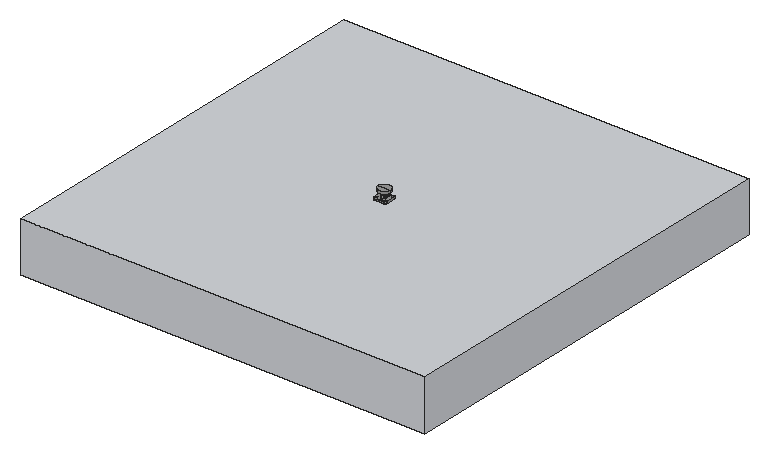
Revit family "Hekatron_Feststellanlagen_AFS 75_DE_22.01", category Brandmelder, Revit 2018
Family settings
  Basisbauteil = Fläche
  Beschriftungsausrichtung beibehalten = Ja
  Bemaßung runder Anschluss = Durchmesser verwenden
  Teiletyp = Normal
  OmniClass-Nummer = 23.85.30.21
  OmniClass-Titel = Environmental Detection/Registration
  Beim Laden mit Abzugskörper schneiden = Nein
  Gemeinsam genutzt = Nein
  Raumberechnungspunkt = Nein
Parameters (values of type "AFS 75")
  Zulässige Umgebungstemperatur = ""
  Zulässige Luftgeschwindigkeit = ""
  Zulassungen nach EN 54 = ""
  Width [instance] = 75 mm
  Version des BIM Objektes = "22.01"
  VdS-Anerkennung = ""
  URL = "https://www.hekatron-brandschutz.de"
  UB A&S Artikel Nummer = "6500103"
  Typenkommentare = "Flexible Winkelankerplatte AFS 75"
  Tiefe (mm) = "75.0"
  Stromaufnahme = ""
  Schutzart = ""
  Rauchteil einstellbar = ""
  Nettogewicht (g) = ""
  Montageart = "Türmontage"
  Modell = "AFS 75"
  Material = "Kunststoff\nMetall"
  Link zum Datenblatt = ""
  Link zu ausschreiben.de = "http://www.ausschreiben.de/katalog/Hekatron/position/81"
  Link zu Produktinformation = "https://www.hekatron-planungstools.de/Produktinfo/AFS_75.PDF"
  Link zu Ausschreibungstext = "https://www.meinhplus.de/login"
  Leistungserklärung (DoP) = ""
  Lautstärke DIN-Ton (dB) = ""
  Kabeleinführung = ""
  Höhe (mm) = "56.0"
  Hersteller = "Hekatron"
  Heigth [instance] = 75 mm
  Funktionsprinzip = ""
  Farbe = "silber/schwarz"
  Ex-Zonen = ""
  Einstellung Temperaturklasse nach EN 54-5 = ""
  Einstellung Temperaturindex nach EN 54-5 = ""
  Einstellung Rauchempfindlichkeit nach EN 54-20 = ""
  Einstellen Rauchempfindlichkeit nach EN 54-7 = ""
  EG-Konformitätszertifikat / Zertifikat der Leistungsbeständigkeit = ""
  Durchmesser (mm) = ""
  Depth [instance] = 56 mm
  Vorgabe-Ansicht = 1200 mm
  Breite (mm) = "75.0"
  Betriebsspannung = ""
  Beschreibung = "Ankerplatte, Durchmesser 75mm, für extreme Einstellungen 2 x 60°, passend zu den THM 425, 425-1 und 433-1."
  Bauartgenehmigungen = ""
  Anzahl Ansaugleitungen = ""
  Ansprechtemperatur = ""
  Alarm- & Empfindlichkeitsbereich = ""
Reference planes
  plane 1 "Center (Front/Back)": y = 0
  plane 2: z = 0
  plane 3 "Center (Left/Right)": x = 0
Forms (mm)
  Extrusion 1, solid
    sketch origin (0, 0, 0) x (1, 0, 0) y (0, 1, 0)
      loop
        line (-1219.2, 1219.2) -> (-1219.2, -1219.2) -> (1219.2, -1219.2) -> (1219.2, 1219.2) -> (-1219.2, 1219.2)
    from 0 to -304.8
  Revolve 2, solid, material "Silver"
    sketch origin (0, 0, 48) x (-1, 0, 0) y (0, 0, -1)
      loop
        line (0, 5.5) -> (-7.799, 5.5)
        arc (-7.799, 5.5) -> (-8.299, 5.366) -> (-8.665, 5) r 1
        arc (-8.665, 5) -> (-9, 3.75) -> (-8.665, 2.5) r 2.5
        arc (-8.665, 2.5) -> (-8.299, 2.134) -> (-7.799, 2) r 1
        line (-7.799, 2) -> (-37.5, 2) -> (-37.5, -8) -> (0, -8) -> (0, 5.5)
      axis (0, 5.5) -> (0, -8)
    angle from 0 to 360
  Extrusion 3, solid, material "Steel, Carbon"
    sketch origin (0, 0, 0) x (1, 0, 0) y (0, 1, 0)
      loop
        line (30, 37.5) -> (-30, 37.5)
        arc (-30, 37.5) -> (-35.303, 35.303) -> (-37.5, 30) r 7.5
        line (-37.5, 30) -> (-37.5, -30)
        arc (-37.5, -30) -> (-35.303, -35.303) -> (-30, -37.5) r 7.5
        line (-30, -37.5) -> (30, -37.5)
        arc (30, -37.5) -> (35.303, -35.303) -> (37.5, -30) r 7.5
        line (37.5, -30) -> (37.5, 30)
        arc (37.5, 30) -> (35.303, 35.303) -> (30, 37.5) r 7.5
    from 0.8 to 8
  Extrusion 4, solid, material "Steel, Carbon"
    sketch origin (0, 0, 0) x (1, 0, 0) y (0, 1, 0)
      loop
        circle (30, 30) r 7.5
      loop
        circle (-30, 30) r 7.5
      loop
        circle (30, -30) r 7.5
      loop
        circle (-30, -30) r 7.5
    from 0 to 0.8
  Revolve 5, void
    sketch origin (0, -30, 0) x (1, 0, 0) y (0, 0, -1)
      loop
        line (-24.75, -8) -> (-27.25, -5.5) -> (-27.25, 0) -> (-30, 0) -> (-30, -8) -> (-24.75, -8)
      axis (-30, 0) -> (-30, -8)
    angle from 0 to 360
  Sweep 6, void
    path in 3D
      loop
        arc (-37.5, -30, 8) -> (-35.303, -35.303, 8) -> (-30, -37.5, 8) r 7.5
        line (-30, -37.5, 8) -> (30, -37.5, 8)
        arc (30, -37.5, 8) -> (35.303, -35.303, 8) -> (37.5, -30, 8) r 7.5
        line (37.5, -30, 8) -> (37.5, 30, 8)
        arc (37.5, 30, 8) -> (35.303, 35.303, 8) -> (30, 37.5, 8) r 7.5
        line (30, 37.5, 8) -> (-30, 37.5, 8)
        arc (-30, 37.5, 8) -> (-35.303, 35.303, 8) -> (-37.5, 30, 8) r 7.5
        line (-37.5, 30, 8) -> (-37.5, -30, 8)
    profile origin (-37.5, 0, 8) x (1, 0, 0) y (0, 0, 1)
      loop
        line (0, 0) -> (0, -1)
        arc (0, -1) -> (0.293, -0.293) -> (1, 0) r 1
        line (1, 0) -> (0, 0)
  Blend 7, void
    base sketch origin (0, 0, 0) x (-1, 0, 0) y (0, -1, 0)
      loop
        arc (20, -32.5) -> (21.768, -31.768) -> (22.5, -30) r 2.5
        arc (22.5, -30) -> (22.564, -29.021) -> (22.756, -28.059) r 7.5
        arc (22.756, -28.059) -> (22.756, -26.765) -> (22.109, -25.644) r 2.5
        line (22.109, -25.644) -> (11.77, -15.306)
        arc (11.77, -15.306) -> (9.046, -14.764) -> (7.502, -17.074) r 2.5
        arc (7.502, -17.074) -> (6.77, -18.841) -> (5.002, -19.574) r 2.5
        arc (5.002, -19.574) -> (3.235, -20.306) -> (2.5, -22.074) r 2.5
        line (2.5, -22.074) -> (2.5, -30)
        arc (2.5, -30) -> (3.232, -31.768) -> (5, -32.5) r 2.5
        line (5, -32.5) -> (20, -32.5)
    top sketch origin (0, 0, 0) x (-1, 0, 0) y (0, -1, 0)
      loop
        arc (20, -31.1) -> (20.778, -30.778) -> (21.1, -30) r 1.1
        arc (21.1, -30) -> (21.176, -28.838) -> (21.403, -27.697) r 8.9
        arc (21.403, -27.697) -> (21.403, -27.127) -> (21.119, -26.634) r 1.1
        line (21.119, -26.634) -> (10.78, -16.296)
        arc (10.78, -16.296) -> (9.582, -16.057) -> (8.902, -17.074) r 1.1
        arc (8.902, -17.074) -> (7.76, -19.831) -> (5.002, -20.974) r 3.9
        arc (5.002, -20.974) -> (4.225, -21.296) -> (3.9, -22.074) r 1.1
        line (3.9, -22.074) -> (3.9, -30)
        arc (3.9, -30) -> (4.222, -30.778) -> (5, -31.1) r 1.1
        line (5, -31.1) -> (20, -31.1)
    from 0.8 to 3
  Blend 8, void
    base sketch origin (0, 0, 0) x (0, 1, 0) y (-1, 0, 0)
      loop
        line (20, 32.5) -> (5, 32.5)
        arc (5, 32.5) -> (3.232, 31.768) -> (2.5, 30) r 2.5
        line (2.5, 30) -> (2.5, 12.071)
        arc (2.5, 12.071) -> (4.043, 9.761) -> (6.768, 10.303) r 2.5
        line (6.768, 10.303) -> (22.109, 25.644)
        arc (22.109, 25.644) -> (22.756, 26.765) -> (22.756, 28.059) r 2.5
        arc (22.756, 28.059) -> (22.564, 29.021) -> (22.5, 30) r 7.5
        arc (22.5, 30) -> (21.768, 31.768) -> (20, 32.5) r 2.5
    top sketch origin (0, 0, 0) x (0, 1, 0) y (-1, 0, 0)
      loop
        line (20, 31.1) -> (5, 31.1)
        arc (5, 31.1) -> (4.222, 30.778) -> (3.9, 30) r 1.1
        line (3.9, 30) -> (3.9, 12.071)
        arc (3.9, 12.071) -> (4.579, 11.055) -> (5.778, 11.293) r 1.1
        line (5.778, 11.293) -> (21.119, 26.634)
        arc (21.119, 26.634) -> (21.403, 27.127) -> (21.403, 27.697) r 1.1
        arc (21.403, 27.697) -> (21.176, 28.838) -> (21.1, 30) r 8.9
        arc (21.1, 30) -> (20.778, 30.778) -> (20, 31.1) r 1.1
    from 0.8 to 3
  Revolve 9, void
    sketch origin (0, -30, 0) x (-1, 0, 0) y (0, 0, 1)
      loop
        line (-24.75, 8) -> (-30, 8) -> (-30, 0) -> (-27.25, 0) -> (-27.25, 5.5) -> (-24.75, 8)
      axis (-30, 0) -> (-30, 8)
    angle from 0 to 360
  Revolve 10, void
    sketch origin (0, 30, 0) x (1, 0, 0) y (0, 0, 1)
      loop
        line (-24.75, 8) -> (-30, 8) -> (-30, 0) -> (-27.25, 0) -> (-27.25, 5.5) -> (-24.75, 8)
      axis (-30, 0) -> (-30, 8)
    angle from 0 to 360
  Revolve 11, void
    sketch origin (0, 30, 0) x (-1, 0, 0) y (0, 0, -1)
      loop
        line (-24.75, -8) -> (-27.25, -5.5) -> (-27.25, 0) -> (-30, 0) -> (-30, -8) -> (-24.75, -8)
      axis (-30, 0) -> (-30, -8)
    angle from 0 to 360
  Extrusion 12, void
    sketch origin (0, 0, 0) x (1, 0, 0) y (0, 0, 1)
      loop
        line (-8, 33.5) -> (-8, 9.5) -> (8, 9.5) -> (8, 33.5) -> (-8, 33.5)
    from -11 to 11
  Extrusion 13, solid, material "Steel, Carbon"
    sketch origin (0, 0, 0) x (0, 1, 0) y (0, 0, 1)
      loop
        arc (-11, 20.5) -> (0, 9.5) -> (11, 20.5) r 11
        line (11, 20.5) -> (11, 42.5) -> (-11, 42.5) -> (-11, 20.5)
    from -14 to 14
  Sweep 14, void
    path in 3D
      loop
        line (14, -11, 42.5) -> (14, -11, 20.5)
        arc (14, -11, 20.5) -> (14, 0, 9.5) -> (14, 11, 20.5) r 11
        line (14, 11, 20.5) -> (14, 11, 42.5)
    profile origin (14, 11, 31.5) x (0, -1, 0) y (1, 0, 0)
      loop
        line (3, 0) -> (0, 0) -> (0, -3)
        arc (0, -3) -> (0.879, -0.879) -> (3, 0) r 3
  Sweep 15, void
    path in 3D
      loop
        line (-14, -11, 42.5) -> (-14, -11, 20.5)
        arc (-14, -11, 20.5) -> (-14, 0, 9.5) -> (-14, 11, 20.5) r 11
        line (-14, 11, 20.5) -> (-14, 11, 42.5)
    profile origin (-14, 11, 31.5) x (0, 1, 0) y (-1, 0, 0)
      loop
        arc (-3, 0) -> (-0.879, -0.879) -> (0, -3) r 3
        line (0, -3) -> (0, 0) -> (-3, 0)
  Revolve 16, solid, material "Stainless Steel"
    sketch origin (0, 0, 20.5) x (1, 0, 0) y (0, 1, 0)
      loop
        line (15.957, 5.829) -> (14, 6) -> (14, 0) -> (17.6, 0) -> (17.6, 4.036)
        arc (17.6, 4.036) -> (17.127, 5.252) -> (15.957, 5.829) r 1.8
      axis (14, 0) -> (17.6, 0)
    angle from 0 to 360
  Extrusion 17, solid, material "Stainless Steel"
    sketch origin (0, 0, 0) x (0, 1, 0) y (0, 0, 1)
      loop
        line (-2.887, 25.5) -> (-5.774, 20.5) -> (-2.887, 15.5) -> (2.887, 15.5) -> (5.774, 20.5) -> (2.887, 25.5) -> (-2.887, 25.5)
    from -15.2 to -14
  Extrusion 18, solid, material "Stainless Steel"
    sketch origin (0, 0, 0) x (0, 1, 0) y (0, 0, 1)
      loop
        circle (0, 20.5) r 3
    from -16 to -15.2
  Extrusion 19, solid, material "Steel, Carbon"
    sketch origin (0, 0, 0) x (0, 1, 0) y (0, 0, 1)
      loop
        arc (-18.411, 8.5) -> (-18.777, 8.134) -> (-19.277, 8) r 1
        line (-19.277, 8) -> (19.277, 8)
        arc (19.277, 8) -> (18.777, 8.134) -> (18.411, 8.5) r 1
        line (18.411, 8.5) -> (8.612, 25.472)
        arc (8.612, 25.472) -> (4.972, 29.112) -> (0, 30.445) r 9.945
        arc (0, 30.445) -> (-4.972, 29.112) -> (-8.612, 25.472) r 9.945
        line (-8.612, 25.472) -> (-18.411, 8.5)
    from -8 to 8
  Extrusion 20, void
    sketch origin (0, 0, 0) x (0, 1, 0) y (0, 0, 1)
      loop
        line (-4.743, 23.822) -> (3.653, 16.007)
        arc (3.653, 16.007) -> (3.955, 16.271) -> (4.239, 16.555) r 5.791
        arc (4.239, 16.555) -> (4.502, 16.858) -> (4.743, 17.178) r 5.791
        line (4.743, 17.178) -> (-3.653, 24.993)
        arc (-3.653, 24.993) -> (-3.955, 24.729) -> (-4.239, 24.445) r 5.791
        arc (-4.239, 24.445) -> (-4.502, 24.142) -> (-4.743, 23.822) r 5.791
    from 16.2 to 17.6
  Blend 21, void
    base sketch origin (0, 0, 0) x (0, -1, 0) y (1, 0, 0)
      loop
        arc (20, -32.5) -> (21.768, -31.768) -> (22.5, -30) r 2.5
        arc (22.5, -30) -> (22.564, -29.021) -> (22.756, -28.059) r 7.5
        arc (22.756, -28.059) -> (22.756, -26.765) -> (22.109, -25.644) r 2.5
        line (22.109, -25.644) -> (6.768, -10.303)
        arc (6.768, -10.303) -> (4.043, -9.761) -> (2.5, -12.071) r 2.5
        line (2.5, -12.071) -> (2.5, -30)
        arc (2.5, -30) -> (3.232, -31.768) -> (5, -32.5) r 2.5
        line (5, -32.5) -> (20, -32.5)
    top sketch origin (0, 0, 0) x (0, -1, 0) y (1, 0, 0)
      loop
        arc (20, -31.1) -> (20.778, -30.778) -> (21.1, -30) r 1.1
        arc (21.1, -30) -> (21.176, -28.838) -> (21.403, -27.697) r 8.9
        arc (21.403, -27.697) -> (21.403, -27.127) -> (21.119, -26.634) r 1.1
        line (21.119, -26.634) -> (5.778, -11.293)
        arc (5.778, -11.293) -> (4.579, -11.055) -> (3.9, -12.071) r 1.1
        line (3.9, -12.071) -> (3.9, -30)
        arc (3.9, -30) -> (4.222, -30.778) -> (5, -31.1) r 1.1
        line (5, -31.1) -> (20, -31.1)
    from 0.8 to 3
  Blend 22, void
    base sketch origin (0, 0, 0) x (0, 1, 0) y (-1, 0, 0)
      loop
        arc (20, -32.5) -> (21.768, -31.768) -> (22.5, -30) r 2.5
        arc (22.5, -30) -> (22.564, -29.021) -> (22.756, -28.059) r 7.5
        arc (22.756, -28.059) -> (22.756, -26.765) -> (22.109, -25.644) r 2.5
        line (22.109, -25.644) -> (6.768, -10.303)
        arc (6.768, -10.303) -> (4.043, -9.761) -> (2.5, -12.071) r 2.5
        line (2.5, -12.071) -> (2.5, -30)
        arc (2.5, -30) -> (3.232, -31.768) -> (5, -32.5) r 2.5
        line (5, -32.5) -> (20, -32.5)
    top sketch origin (0, 0, 0) x (0, 1, 0) y (-1, 0, 0)
      loop
        arc (20, -31.1) -> (20.778, -30.778) -> (21.1, -30) r 1.1
        arc (21.1, -30) -> (21.176, -28.838) -> (21.403, -27.697) r 8.9
        arc (21.403, -27.697) -> (21.403, -27.127) -> (21.119, -26.634) r 1.1
        line (21.119, -26.634) -> (5.778, -11.293)
        arc (5.778, -11.293) -> (4.579, -11.055) -> (3.9, -12.071) r 1.1
        line (3.9, -12.071) -> (3.9, -30)
        arc (3.9, -30) -> (4.222, -30.778) -> (5, -31.1) r 1.1
        line (5, -31.1) -> (20, -31.1)
    from 0.8 to 3
  Blend 23, void
    base sketch origin (0, 0, 0) x (0, -1, 0) y (1, 0, 0)
      loop
        line (20, 32.5) -> (5, 32.5)
        arc (5, 32.5) -> (3.232, 31.768) -> (2.5, 30) r 2.5
        line (2.5, 30) -> (2.5, 12.071)
        arc (2.5, 12.071) -> (4.043, 9.761) -> (6.768, 10.303) r 2.5
        line (6.768, 10.303) -> (22.109, 25.644)
        arc (22.109, 25.644) -> (22.756, 26.765) -> (22.756, 28.059) r 2.5
        arc (22.756, 28.059) -> (22.564, 29.021) -> (22.5, 30) r 7.5
        arc (22.5, 30) -> (21.768, 31.768) -> (20, 32.5) r 2.5
    top sketch origin (0, 0, 0) x (0, -1, 0) y (1, 0, 0)
      loop
        line (20, 31.1) -> (5, 31.1)
        arc (5, 31.1) -> (4.222, 30.778) -> (3.9, 30) r 1.1
        line (3.9, 30) -> (3.9, 12.071)
        arc (3.9, 12.071) -> (4.579, 11.055) -> (5.778, 11.293) r 1.1
        line (5.778, 11.293) -> (21.119, 26.634)
        arc (21.119, 26.634) -> (21.403, 27.127) -> (21.403, 27.697) r 1.1
        arc (21.403, 27.697) -> (21.176, 28.838) -> (21.1, 30) r 8.9
        arc (21.1, 30) -> (20.778, 30.778) -> (20, 31.1) r 1.1
    from 0.8 to 3
  Blend 24, void
    base sketch origin (0, 0, 0) x (1, 0, 0) y (0, 1, 0)
      loop
        line (20, 32.5) -> (5, 32.5)
        arc (5, 32.5) -> (3.232, 31.768) -> (2.5, 30) r 2.5
        line (2.5, 30) -> (2.5, 22.074)
        arc (2.5, 22.074) -> (3.235, 20.306) -> (5.002, 19.574) r 2.5
        arc (5.002, 19.574) -> (6.77, 18.841) -> (7.502, 17.074) r 2.5
        arc (7.502, 17.074) -> (9.046, 14.764) -> (11.77, 15.306) r 2.5
        line (11.77, 15.306) -> (22.109, 25.644)
        arc (22.109, 25.644) -> (22.756, 26.765) -> (22.756, 28.059) r 2.5
        arc (22.756, 28.059) -> (22.564, 29.021) -> (22.5, 30) r 7.5
        arc (22.5, 30) -> (21.768, 31.768) -> (20, 32.5) r 2.5
    top sketch origin (0, 0, 0) x (1, 0, 0) y (0, 1, 0)
      loop
        line (20, 31.1) -> (5, 31.1)
        arc (5, 31.1) -> (4.222, 30.778) -> (3.9, 30) r 1.1
        line (3.9, 30) -> (3.9, 22.074)
        arc (3.9, 22.074) -> (4.225, 21.296) -> (5.002, 20.974) r 1.1
        arc (5.002, 20.974) -> (7.76, 19.831) -> (8.902, 17.074) r 3.9
        arc (8.902, 17.074) -> (9.582, 16.057) -> (10.78, 16.296) r 1.1
        line (10.78, 16.296) -> (21.119, 26.634)
        arc (21.119, 26.634) -> (21.403, 27.127) -> (21.403, 27.697) r 1.1
        arc (21.403, 27.697) -> (21.176, 28.838) -> (21.1, 30) r 8.9
        arc (21.1, 30) -> (20.778, 30.778) -> (20, 31.1) r 1.1
    from 0.8 to 3
  Blend 25, void
    base sketch origin (0, 0, 0) x (-1, 0, 0) y (0, -1, 0)
      loop
        line (20, 32.5) -> (5, 32.5)
        arc (5, 32.5) -> (3.232, 31.768) -> (2.5, 30) r 2.5
        line (2.5, 30) -> (2.5, 22.074)
        arc (2.5, 22.074) -> (3.235, 20.306) -> (5.002, 19.574) r 2.5
        arc (5.002, 19.574) -> (6.77, 18.841) -> (7.502, 17.074) r 2.5
        arc (7.502, 17.074) -> (9.046, 14.764) -> (11.77, 15.306) r 2.5
        line (11.77, 15.306) -> (22.109, 25.644)
        arc (22.109, 25.644) -> (22.756, 26.765) -> (22.756, 28.059) r 2.5
        arc (22.756, 28.059) -> (22.564, 29.021) -> (22.5, 30) r 7.5
        arc (22.5, 30) -> (21.768, 31.768) -> (20, 32.5) r 2.5
    top sketch origin (0, 0, 0) x (-1, 0, 0) y (0, -1, 0)
      loop
        line (20, 31.1) -> (5, 31.1)
        arc (5, 31.1) -> (4.222, 30.778) -> (3.9, 30) r 1.1
        line (3.9, 30) -> (3.9, 22.074)
        arc (3.9, 22.074) -> (4.225, 21.296) -> (5.002, 20.974) r 1.1
        arc (5.002, 20.974) -> (7.76, 19.831) -> (8.902, 17.074) r 3.9
        arc (8.902, 17.074) -> (9.582, 16.057) -> (10.78, 16.296) r 1.1
        line (10.78, 16.296) -> (21.119, 26.634)
        arc (21.119, 26.634) -> (21.403, 27.127) -> (21.403, 27.697) r 1.1
        arc (21.403, 27.697) -> (21.176, 28.838) -> (21.1, 30) r 8.9
        arc (21.1, 30) -> (20.778, 30.778) -> (20, 31.1) r 1.1
    from 0.8 to 3
  Blend 26, void
    base sketch origin (0, 0, 0) x (1, 0, 0) y (0, 1, 0)
      loop
        arc (20, -32.5) -> (21.768, -31.768) -> (22.5, -30) r 2.5
        arc (22.5, -30) -> (22.564, -29.021) -> (22.756, -28.059) r 7.5
        arc (22.756, -28.059) -> (22.756, -26.765) -> (22.109, -25.644) r 2.5
        line (22.109, -25.644) -> (11.77, -15.306)
        arc (11.77, -15.306) -> (9.046, -14.764) -> (7.502, -17.074) r 2.5
        arc (7.502, -17.074) -> (6.77, -18.841) -> (5.002, -19.574) r 2.5
        arc (5.002, -19.574) -> (3.235, -20.306) -> (2.5, -22.074) r 2.5
        line (2.5, -22.074) -> (2.5, -30)
        arc (2.5, -30) -> (3.232, -31.768) -> (5, -32.5) r 2.5
        line (5, -32.5) -> (20, -32.5)
    top sketch origin (0, 0, 0) x (1, 0, 0) y (0, 1, 0)
      loop
        arc (20, -31.1) -> (20.778, -30.778) -> (21.1, -30) r 1.1
        arc (21.1, -30) -> (21.176, -28.838) -> (21.403, -27.697) r 8.9
        arc (21.403, -27.697) -> (21.403, -27.127) -> (21.119, -26.634) r 1.1
        line (21.119, -26.634) -> (10.78, -16.296)
        arc (10.78, -16.296) -> (9.582, -16.057) -> (8.902, -17.074) r 1.1
        arc (8.902, -17.074) -> (7.76, -19.831) -> (5.002, -20.974) r 3.9
        arc (5.002, -20.974) -> (4.225, -21.296) -> (3.9, -22.074) r 1.1
        line (3.9, -22.074) -> (3.9, -30)
        arc (3.9, -30) -> (4.222, -30.778) -> (5, -31.1) r 1.1
        line (5, -31.1) -> (20, -31.1)
    from 0.8 to 3
  Extrusion 27, void
    sketch origin (0, 0, 0) x (0, 1, 0) y (0, 0, 1)
      loop
        arc (9.288, 14.902) -> (8.432, 14.709) -> (7.74, 14.168) r 2
        arc (7.74, 14.168) -> (0, 10.5) -> (-7.74, 14.168) r 10
        arc (-7.74, 14.168) -> (-8.432, 14.709) -> (-9.288, 14.902) r 2
        arc (-9.288, 14.902) -> (-10.288, 14.634) -> (-11.02, 13.902) r 2
        line (-11.02, 13.902) -> (-17.314, 3) -> (17.314, 3) -> (11.02, 13.902)
        arc (11.02, 13.902) -> (10.288, 14.634) -> (9.288, 14.902) r 2
    from -5.5 to 5.5
  Blend 28, void
    base sketch origin (0, 0, 0) x (1, 0, 0) y (0, 1, 0)
      loop
        line (6.1, 18.714) -> (-6.1, 18.714)
        arc (-6.1, 18.714) -> (-6.666, 18.48) -> (-6.9, 17.914) r 0.8
        line (-6.9, 17.914) -> (-6.9, -17.914)
        arc (-6.9, -17.914) -> (-6.666, -18.48) -> (-6.1, -18.714) r 0.8
        line (-6.1, -18.714) -> (6.1, -18.714)
        arc (6.1, -18.714) -> (6.666, -18.48) -> (6.9, -17.914) r 0.8
        line (6.9, -17.914) -> (6.9, 17.914)
        arc (6.9, 17.914) -> (6.666, 18.48) -> (6.1, 18.714) r 0.8
    top sketch origin (0, 0, 0) x (1, 0, 0) y (0, 1, 0)
      loop
        line (5.5, -17.314) -> (5.5, 17.314) -> (-5.5, 17.314) -> (-5.5, -17.314) -> (5.5, -17.314)
    from 0 to 3
Cuts and joins
  Revolve 5, Sweep 6, Blend 7, Blend 8, Revolve 9, Revolve 10, Revolve 11, Blend 21, Blend 22, Blend 23, Blend 24, Blend 25, Blend 26, Extrusion 27, Blend 28 cuts Extrusion 3
  Revolve 5, Blend 7, Blend 8, Revolve 9, Revolve 10, Revolve 11 cuts Extrusion 4
  Extrusion 12, Sweep 14, Sweep 15, Extrusion 20, Blend 28 cuts Extrusion 13
  Extrusion 20, Extrusion 27 cuts Extrusion 19
  Extrusion 20 cuts Revolve 16
Lines and regions (mm)
  sketch lines
    curve 1: line (-37.5, 30, 8) -> (-37.5, -30, 8)
    curve 2: arc (-37.5, 30, 8) -> (-35.303, 35.303, 8) -> (-30, 37.5, 8) r 7.5
    curve 3: line (30, 37.5, 8) -> (-30, 37.5, 8)
    curve 4: arc (-30, -37.5, 8) -> (-35.303, -35.303, 8) -> (-37.5, -30, 8) r 7.5
    curve 5: line (-30, -37.5, 8) -> (30, -37.5, 8)
    curve 6: arc (37.5, -30, 8) -> (35.303, -35.303, 8) -> (30, -37.5, 8) r 7.5
    curve 7: line (37.5, -30, 8) -> (37.5, 30, 8)
    curve 8: arc (30, 37.5, 8) -> (35.303, 35.303, 8) -> (37.5, 30, 8) r 7.5
    curve 9: line (14, 11, 20.5) -> (14, 11, 42.5)
    curve 10: arc (14, 11, 20.5) -> (14, 0, 9.5) -> (14, -11, 20.5) r 11
    curve 11: line (14, -11, 42.5) -> (14, -11, 20.5)
    curve 12: line (-14, 11, 20.5) -> (-14, 11, 42.5)
    curve 13: arc (-14, 11, 20.5) -> (-14, 0, 9.5) -> (-14, -11, 20.5) r 11
    curve 14: line (-14, -11, 42.5) -> (-14, -11, 20.5)
Dimensions and locks
  "Depth": Revolve 2 to Extrusion 1
  "Width": cut or joined group 1 (Extrusion 3, Revolve 5, Sweep 6, Blend 7, Blend 8, Revolve 9, Revolve 10, Revolve 11, Blend 21, Blend 22, Blend 23, Blend 24, Blend 25, Blend 26, Extrusion 27, Blend 28) to cut or joined group 1
  "Heigth": cut or joined group 1 to cut or joined group 1
  aligned and locked: plane 2 to Extrusion 1
  aligned and locked: level to Extrusion 1
Automatic sketch dimensions
  Extrusion 1 sketch curve to Extrusion 1 sketch curve = 2438.4 mm  (x2)
  Sweep 15 sketch curve to profile plane = 0 mm  (x2)
  profile plane to Sweep 15 sketch curve = 0 mm  (x2)
  Sweep 15 sketch curve to Sweep 15 sketch curve = 3 mm
  Sweep 15 sketch curve to Sweep 15 sketch curve = 0 mm  (x2)
  Revolve 2 sketch curve to plane 3 "Center (Left/Right)" = 0 mm  (x2)
  plane 3 "Center (Left/Right)" to Revolve 2 sketch curve = 6.5 mm
  Revolve 2 sketch curve to Revolve 2 sketch curve = 1.299 mm
  Revolve 2 sketch curve to Revolve 2 sketch curve = 0 mm  (x6)
  Revolve 2 sketch curve to Revolve 2 sketch curve = 29.701 mm
  level to Revolve 2 sketch curve = 56 mm
  Revolve 2 sketch curve to Revolve 2 sketch curve = 10 mm
  Revolve 2 sketch curve to Revolve 2 sketch curve = 1 mm
  Revolve 2 sketch curve to Revolve 2 sketch curve = 0.75 mm
  Revolve 2 sketch curve to Revolve 2 sketch curve = 1.5 mm
  Revolve 2 sketch curve to Revolve 2 sketch curve = 1.75 mm
  Extrusion 3 sketch curve to plane 3 "Center (Left/Right)" = 37.5 mm
  Extrusion 3 sketch curve to Extrusion 3 sketch curve = 7.5 mm  (x3)
  plane 3 "Center (Left/Right)" to Extrusion 3 sketch curve = 30 mm  (x2)
  plane 1 "Center (Front/Back)" to Extrusion 3 sketch curve = 37.5 mm
  Extrusion 3 sketch curve to plane 1 "Center (Front/Back)" = 30 mm
  Extrusion 4 sketch curve to plane 3 "Center (Left/Right)" = 30 mm  (x2)
  plane 3 "Center (Left/Right)" to Extrusion 4 sketch curve = 30 mm  (x2)
  plane 1 "Center (Front/Back)" to Extrusion 4 sketch curve = 30 mm  (x2)
  Extrusion 4 sketch curve to plane 1 "Center (Front/Back)" = 30 mm  (x2)
  Revolve 5 sketch curve to level = 0 mm  (x2)
  Revolve 5 sketch curve to plane 3 "Center (Left/Right)" = 30 mm
  Revolve 5 sketch curve to Revolve 5 sketch curve = 2.75 mm
  Revolve 5 sketch curve to Revolve 5 sketch curve = 2.5 mm  (x2)
  Revolve 5 sketch curve to Revolve 5 sketch curve = 5.5 mm
  Revolve 5 sketch curve to Revolve 5 sketch curve = 0 mm
  Revolve 5 sketch curve to Revolve 5 sketch curve = 1.577 mm
  profile plane to Sweep 6 sketch curve = 0 mm
  Sweep 6 sketch curve to profile plane = 0 mm
  Sweep 6 sketch curve to profile plane = 1 mm
  plane 3 "Center (Left/Right)" to Blend 7 sketch curve = 2.5 mm
  Blend 7 sketch curve to Blend 7 sketch curve = 2.5 mm
  plane 3 "Center (Left/Right)" to Blend 7 sketch curve = 5.002 mm  (x2)
  Blend 7 sketch curve to Blend 7 sketch curve = 5 mm  (x4)
  Blend 7 sketch curve to Blend 7 sketch curve = 1.768 mm  (x4)
  Blend 7 sketch curve to Blend 7 sketch curve = 15 mm  (x2)
  Blend 7 sketch curve to Blend 7 sketch curve = 0.341 mm  (x2)
  Blend 7 sketch curve to Blend 7 sketch curve = 7.891 mm
  plane 1 "Center (Front/Back)" to Blend 7 sketch curve = 15.306 mm
  Blend 7 sketch curve to Blend 7 sketch curve = 0 mm  (x6)
  Blend 7 sketch curve to Blend 7 sketch curve = 10.338 mm  (x2)
  Blend 7 sketch curve to Blend 7 sketch curve = 2.588 mm
  Blend 7 sketch curve to Blend 7 sketch curve = 7.926 mm  (x2)
  Blend 7 sketch curve to Blend 7 sketch curve = 0.002 mm  (x2)
  plane 3 "Center (Left/Right)" to Blend 7 sketch curve = 3.9 mm
  Blend 7 sketch curve to Blend 7 sketch curve = 1.1 mm  (x2)
  Blend 7 sketch curve to Blend 7 sketch curve = 0.778 mm  (x4)
  Blend 7 sketch curve to Blend 7 sketch curve = 8.881 mm
  plane 1 "Center (Front/Back)" to Blend 7 sketch curve = 16.296 mm
  Blend 8 sketch curve to plane 1 "Center (Front/Back)" = 2.5 mm
  Blend 8 sketch curve to Blend 8 sketch curve = 2.5 mm  (x2)
  Blend 8 sketch curve to Blend 8 sketch curve = 1.768 mm  (x3)
  Blend 8 sketch curve to Blend 8 sketch curve = 15 mm  (x2)
  Blend 8 sketch curve to Blend 8 sketch curve = 0.341 mm  (x2)
  Blend 8 sketch curve to Blend 8 sketch curve = 7.891 mm
  Blend 8 sketch curve to plane 3 "Center (Left/Right)" = 10.303 mm
  Blend 8 sketch curve to Blend 8 sketch curve = 15.341 mm  (x2)
  Blend 8 sketch curve to Blend 8 sketch curve = 4.356 mm
  Blend 8 sketch curve to Blend 8 sketch curve = 0 mm  (x4)
  Blend 8 sketch curve to plane 1 "Center (Front/Back)" = 3.9 mm
  Blend 8 sketch curve to Blend 8 sketch curve = 1.1 mm  (x2)
  Blend 8 sketch curve to Blend 8 sketch curve = 0.778 mm  (x3)
  Blend 8 sketch curve to Blend 8 sketch curve = 8.881 mm
  Blend 8 sketch curve to plane 3 "Center (Left/Right)" = 11.293 mm
  Blend 8 sketch curve to Blend 8 sketch curve = 3.366 mm
  Revolve 9 sketch curve to level = 0 mm  (x2)
  plane 3 "Center (Left/Right)" to Revolve 9 sketch curve = 30 mm
  Revolve 9 sketch curve to Revolve 9 sketch curve = 2.75 mm
  Revolve 9 sketch curve to Revolve 9 sketch curve = 2.5 mm  (x2)
  Revolve 9 sketch curve to Revolve 9 sketch curve = 5.5 mm
  Revolve 9 sketch curve to Revolve 9 sketch curve = 0 mm
  Revolve 9 sketch curve to Revolve 9 sketch curve = 1.577 mm
  Revolve 10 sketch curve to level = 0 mm  (x2)
  Revolve 10 sketch curve to plane 3 "Center (Left/Right)" = 30 mm
  Revolve 10 sketch curve to Revolve 10 sketch curve = 2.75 mm
  Revolve 10 sketch curve to Revolve 10 sketch curve = 2.5 mm  (x2)
  level to Revolve 10 sketch curve = 5.5 mm
  Revolve 10 sketch curve to Revolve 10 sketch curve = 0 mm
  Revolve 10 sketch curve to Revolve 10 sketch curve = 1.577 mm
  Revolve 11 sketch curve to level = 0 mm  (x2)
  plane 3 "Center (Left/Right)" to Revolve 11 sketch curve = 30 mm
  Revolve 11 sketch curve to Revolve 11 sketch curve = 2.75 mm
  Revolve 11 sketch curve to Revolve 11 sketch curve = 2.5 mm  (x2)
  level to Revolve 11 sketch curve = 5.5 mm
  Revolve 11 sketch curve to Revolve 11 sketch curve = 0 mm
  Revolve 11 sketch curve to Revolve 11 sketch curve = 1.577 mm
  Extrusion 12 sketch curve to plane 3 "Center (Left/Right)" = 8 mm
  plane 3 "Center (Left/Right)" to Extrusion 12 sketch curve = 8 mm
  level to Extrusion 12 sketch curve = 9.5 mm
  Extrusion 12 sketch curve to Extrusion 12 sketch curve = 24 mm
  Extrusion 13 sketch curve to plane 1 "Center (Front/Back)" = 0 mm
  plane 1 "Center (Front/Back)" to Extrusion 13 sketch curve = 11 mm
  level to Extrusion 13 sketch curve = 20.5 mm
  Extrusion 13 sketch curve to Extrusion 13 sketch curve = 22 mm
  Sweep 14 sketch curve to profile plane = 0 mm  (x4)
  Sweep 14 sketch curve to Sweep 14 sketch curve = 3 mm
  Sweep 14 sketch curve to Sweep 14 sketch curve = 0 mm  (x2)
  plane 1 "Center (Front/Back)" to Revolve 16 sketch curve = 0 mm  (x2)
  plane 3 "Center (Left/Right)" to Revolve 16 sketch curve = 14 mm
  Revolve 16 sketch curve to Revolve 16 sketch curve = 1.8 mm
  Revolve 16 sketch curve to plane 1 "Center (Front/Back)" = 5.829 mm
  Revolve 16 sketch curve to Revolve 16 sketch curve = 0.157 mm
  Revolve 16 sketch curve to Revolve 16 sketch curve = 3.6 mm
  Revolve 16 sketch curve to Revolve 16 sketch curve = 0.171 mm
  Revolve 16 sketch curve to Revolve 16 sketch curve = 1.394 mm
  Revolve 16 sketch curve to Revolve 16 sketch curve = 1.864 mm
  plane 1 "Center (Front/Back)" to Extrusion 17 sketch curve = 5.774 mm
  plane 1 "Center (Front/Back)" to Extrusion 17 sketch curve = 2.887 mm  (x2)
  Extrusion 17 sketch curve to plane 1 "Center (Front/Back)" = 2.887 mm  (x2)
  Extrusion 17 sketch curve to Extrusion 17 sketch curve = 2.887 mm
  level to Extrusion 17 sketch curve = 15.5 mm
  Extrusion 17 sketch curve to Extrusion 17 sketch curve = 5 mm  (x3)
  Extrusion 18 sketch curve to Extrusion 18 sketch curve = 0 mm  (x2)
  Extrusion 18 sketch curve to plane 1 "Center (Front/Back)" = 0 mm
  level to Extrusion 18 sketch curve = 20.5 mm
  plane 1 "Center (Front/Back)" to Extrusion 18 sketch curve = 2.196 mm
  Extrusion 18 sketch curve to plane 1 "Center (Front/Back)" = 2.196 mm
  Extrusion 18 sketch curve to Extrusion 18 sketch curve = 2.044 mm
  Extrusion 19 sketch curve to Extrusion 19 sketch curve = 0 mm  (x5)
  Extrusion 19 sketch curve to plane 1 "Center (Front/Back)" = 0 mm
  plane 1 "Center (Front/Back)" to Extrusion 19 sketch curve = 8.612 mm
  level to Extrusion 19 sketch curve = 8.5 mm  (x2)
  plane 1 "Center (Front/Back)" to Extrusion 19 sketch curve = 18.411 mm
  Extrusion 19 sketch curve to Extrusion 19 sketch curve = 0.866 mm  (x2)
  Extrusion 19 sketch curve to plane 1 "Center (Front/Back)" = 8.612 mm
  Extrusion 19 sketch curve to plane 1 "Center (Front/Back)" = 18.411 mm
  Extrusion 19 sketch curve to Extrusion 19 sketch curve = 0.5 mm  (x2)
  level to Extrusion 19 sketch curve = 20.5 mm
  Extrusion 19 sketch curve to Extrusion 19 sketch curve = 4.972 mm
  Extrusion 19 sketch curve to Extrusion 19 sketch curve = 0.865 mm
  Extrusion 20 sketch curve to Extrusion 20 sketch curve = 0 mm  (x12)
  Extrusion 20 sketch curve to plane 1 "Center (Front/Back)" = 0 mm
  plane 1 "Center (Front/Back)" to Extrusion 20 sketch curve = 3.653 mm
  Extrusion 20 sketch curve to Extrusion 20 sketch curve = 1.09 mm  (x2)
  Extrusion 20 sketch curve to plane 1 "Center (Front/Back)" = 3.653 mm
  level to Extrusion 20 sketch curve = 16.007 mm
  Extrusion 20 sketch curve to Extrusion 20 sketch curve = 1.171 mm
  Extrusion 20 sketch curve to Extrusion 20 sketch curve = 3.322 mm
  Extrusion 20 sketch curve to Extrusion 20 sketch curve = 0.586 mm
  Extrusion 20 sketch curve to Extrusion 20 sketch curve = 0.504 mm
  Blend 21 sketch curve to plane 1 "Center (Front/Back)" = 2.5 mm
  Blend 21 sketch curve to Blend 21 sketch curve = 2.5 mm  (x2)
  Blend 21 sketch curve to Blend 21 sketch curve = 1.768 mm  (x3)
  Blend 21 sketch curve to Blend 21 sketch curve = 15 mm  (x2)
  Blend 21 sketch curve to Blend 21 sketch curve = 0.341 mm  (x2)
  Blend 21 sketch curve to Blend 21 sketch curve = 7.891 mm
  plane 3 "Center (Left/Right)" to Blend 21 sketch curve = 10.303 mm
  Blend 21 sketch curve to Blend 21 sketch curve = 15.341 mm  (x2)
  Blend 21 sketch curve to Blend 21 sketch curve = 4.356 mm
  Blend 21 sketch curve to Blend 21 sketch curve = 0 mm  (x4)
  Blend 21 sketch curve to plane 1 "Center (Front/Back)" = 3.9 mm
  Blend 21 sketch curve to Blend 21 sketch curve = 1.1 mm  (x2)
  Blend 21 sketch curve to Blend 21 sketch curve = 0.778 mm  (x3)
  Blend 21 sketch curve to Blend 21 sketch curve = 8.881 mm
  plane 3 "Center (Left/Right)" to Blend 21 sketch curve = 11.293 mm
  Blend 21 sketch curve to Blend 21 sketch curve = 3.366 mm
  plane 1 "Center (Front/Back)" to Blend 22 sketch curve = 2.5 mm
  Blend 22 sketch curve to Blend 22 sketch curve = 2.5 mm  (x2)
  Blend 22 sketch curve to Blend 22 sketch curve = 1.768 mm  (x3)
  Blend 22 sketch curve to Blend 22 sketch curve = 15 mm  (x2)
  Blend 22 sketch curve to Blend 22 sketch curve = 0.341 mm  (x2)
  Blend 22 sketch curve to Blend 22 sketch curve = 7.891 mm
  Blend 22 sketch curve to plane 3 "Center (Left/Right)" = 10.303 mm
  Blend 22 sketch curve to Blend 22 sketch curve = 15.341 mm  (x2)
  Blend 22 sketch curve to Blend 22 sketch curve = 4.356 mm
  Blend 22 sketch curve to Blend 22 sketch curve = 0 mm  (x4)
  plane 1 "Center (Front/Back)" to Blend 22 sketch curve = 3.9 mm
  Blend 22 sketch curve to Blend 22 sketch curve = 1.1 mm  (x2)
  Blend 22 sketch curve to Blend 22 sketch curve = 0.778 mm  (x3)
  Blend 22 sketch curve to Blend 22 sketch curve = 8.881 mm
  Blend 22 sketch curve to plane 3 "Center (Left/Right)" = 11.293 mm
  Blend 22 sketch curve to Blend 22 sketch curve = 3.366 mm
  plane 1 "Center (Front/Back)" to Blend 23 sketch curve = 2.5 mm
  Blend 23 sketch curve to Blend 23 sketch curve = 2.5 mm  (x2)
  Blend 23 sketch curve to Blend 23 sketch curve = 1.768 mm  (x3)
  Blend 23 sketch curve to Blend 23 sketch curve = 15 mm  (x2)
  Blend 23 sketch curve to Blend 23 sketch curve = 0.341 mm  (x2)
  Blend 23 sketch curve to Blend 23 sketch curve = 7.891 mm
  plane 3 "Center (Left/Right)" to Blend 23 sketch curve = 10.303 mm
  Blend 23 sketch curve to Blend 23 sketch curve = 15.341 mm  (x2)
  Blend 23 sketch curve to Blend 23 sketch curve = 4.356 mm
  Blend 23 sketch curve to Blend 23 sketch curve = 0 mm  (x4)
  plane 1 "Center (Front/Back)" to Blend 23 sketch curve = 3.9 mm
  Blend 23 sketch curve to Blend 23 sketch curve = 1.1 mm  (x2)
  Blend 23 sketch curve to Blend 23 sketch curve = 0.778 mm  (x3)
  Blend 23 sketch curve to Blend 23 sketch curve = 8.881 mm
  plane 3 "Center (Left/Right)" to Blend 23 sketch curve = 11.293 mm
  Blend 23 sketch curve to Blend 23 sketch curve = 3.366 mm
  plane 3 "Center (Left/Right)" to Blend 24 sketch curve = 2.5 mm
  Blend 24 sketch curve to Blend 24 sketch curve = 2.5 mm
  plane 3 "Center (Left/Right)" to Blend 24 sketch curve = 5.002 mm  (x2)
  Blend 24 sketch curve to Blend 24 sketch curve = 5 mm  (x4)
  Blend 24 sketch curve to Blend 24 sketch curve = 1.768 mm  (x4)
  Blend 24 sketch curve to Blend 24 sketch curve = 15 mm  (x2)
  Blend 24 sketch curve to Blend 24 sketch curve = 0.341 mm  (x2)
  Blend 24 sketch curve to Blend 24 sketch curve = 7.891 mm
  Blend 24 sketch curve to plane 1 "Center (Front/Back)" = 15.306 mm
  Blend 24 sketch curve to Blend 24 sketch curve = 10.338 mm  (x2)
  Blend 24 sketch curve to Blend 24 sketch curve = 2.588 mm
  Blend 24 sketch curve to Blend 24 sketch curve = 7.926 mm  (x2)
  Blend 24 sketch curve to Blend 24 sketch curve = 0.002 mm  (x2)
  Blend 24 sketch curve to Blend 24 sketch curve = 0 mm  (x6)
  plane 3 "Center (Left/Right)" to Blend 24 sketch curve = 3.9 mm
  Blend 24 sketch curve to Blend 24 sketch curve = 1.1 mm  (x2)
  Blend 24 sketch curve to Blend 24 sketch curve = 0.778 mm  (x4)
  Blend 24 sketch curve to Blend 24 sketch curve = 8.881 mm
  Blend 24 sketch curve to plane 1 "Center (Front/Back)" = 16.296 mm
  Blend 25 sketch curve to plane 3 "Center (Left/Right)" = 2.5 mm
  Blend 25 sketch curve to Blend 25 sketch curve = 2.5 mm
  Blend 25 sketch curve to plane 3 "Center (Left/Right)" = 5.002 mm  (x2)
  Blend 25 sketch curve to Blend 25 sketch curve = 5 mm  (x4)
  Blend 25 sketch curve to Blend 25 sketch curve = 1.768 mm  (x4)
  Blend 25 sketch curve to Blend 25 sketch curve = 15 mm  (x2)
  Blend 25 sketch curve to Blend 25 sketch curve = 0.341 mm  (x2)
  Blend 25 sketch curve to Blend 25 sketch curve = 7.891 mm
  plane 1 "Center (Front/Back)" to Blend 25 sketch curve = 15.306 mm
  Blend 25 sketch curve to Blend 25 sketch curve = 10.338 mm  (x2)
  Blend 25 sketch curve to Blend 25 sketch curve = 2.588 mm
  Blend 25 sketch curve to Blend 25 sketch curve = 7.926 mm  (x2)
  Blend 25 sketch curve to Blend 25 sketch curve = 0.002 mm  (x2)
  Blend 25 sketch curve to Blend 25 sketch curve = 0 mm  (x6)
  Blend 25 sketch curve to plane 3 "Center (Left/Right)" = 3.9 mm
  Blend 25 sketch curve to Blend 25 sketch curve = 1.1 mm  (x2)
  Blend 25 sketch curve to Blend 25 sketch curve = 0.778 mm  (x4)
  Blend 25 sketch curve to Blend 25 sketch curve = 8.881 mm
  plane 1 "Center (Front/Back)" to Blend 25 sketch curve = 16.296 mm
  Blend 26 sketch curve to plane 3 "Center (Left/Right)" = 2.5 mm
  Blend 26 sketch curve to Blend 26 sketch curve = 2.5 mm
  Blend 26 sketch curve to plane 3 "Center (Left/Right)" = 5.002 mm  (x2)
  Blend 26 sketch curve to Blend 26 sketch curve = 5 mm  (x4)
  Blend 26 sketch curve to Blend 26 sketch curve = 1.768 mm  (x4)
  Blend 26 sketch curve to Blend 26 sketch curve = 15 mm  (x2)
  Blend 26 sketch curve to Blend 26 sketch curve = 0.341 mm  (x2)
  Blend 26 sketch curve to Blend 26 sketch curve = 7.891 mm
  Blend 26 sketch curve to plane 1 "Center (Front/Back)" = 15.306 mm
  Blend 26 sketch curve to Blend 26 sketch curve = 10.338 mm  (x2)
  Blend 26 sketch curve to Blend 26 sketch curve = 2.588 mm
  Blend 26 sketch curve to Blend 26 sketch curve = 7.926 mm  (x2)
  Blend 26 sketch curve to Blend 26 sketch curve = 0.002 mm  (x2)
  Blend 26 sketch curve to Blend 26 sketch curve = 0 mm  (x6)
  Blend 26 sketch curve to plane 3 "Center (Left/Right)" = 3.9 mm
  Blend 26 sketch curve to Blend 26 sketch curve = 1.1 mm  (x2)
  Blend 26 sketch curve to Blend 26 sketch curve = 0.778 mm  (x4)
  Blend 26 sketch curve to Blend 26 sketch curve = 8.881 mm
  Blend 26 sketch curve to plane 1 "Center (Front/Back)" = 16.296 mm
  Extrusion 27 sketch curve to Extrusion 27 sketch curve = 0 mm  (x5)
  Extrusion 27 sketch curve to plane 1 "Center (Front/Back)" = 0 mm
  plane 1 "Center (Front/Back)" to Extrusion 27 sketch curve = 9.288 mm
  Extrusion 27 sketch curve to Extrusion 27 sketch curve = 1.732 mm  (x2)
  level to Extrusion 27 sketch curve = 3 mm
  Extrusion 27 sketch curve to Extrusion 27 sketch curve = 6.294 mm  (x2)
  Extrusion 27 sketch curve to plane 1 "Center (Front/Back)" = 9.288 mm
  level to Extrusion 27 sketch curve = 12.902 mm  (x2)
  Extrusion 27 sketch curve to Extrusion 27 sketch curve = 1 mm  (x2)
  Extrusion 27 sketch curve to Extrusion 27 sketch curve = 5.598 mm
  Blend 28 sketch curve to plane 3 "Center (Left/Right)" = 6.9 mm
  Blend 28 sketch curve to Blend 28 sketch curve = 0.8 mm  (x4)
  plane 1 "Center (Front/Back)" to Blend 28 sketch curve = 18.714 mm
  Blend 28 sketch curve to plane 1 "Center (Front/Back)" = 17.914 mm
  plane 3 "Center (Left/Right)" to Blend 28 sketch curve = 6.1 mm
  plane 1 "Center (Front/Back)" to Blend 28 sketch curve = 17.314 mm
  Blend 28 sketch curve to plane 3 "Center (Left/Right)" = 5.5 mm
  plane 3 "Center (Left/Right)" to Blend 28 sketch curve = 5.5 mm
  Blend 28 sketch curve to plane 1 "Center (Front/Back)" = 17.314 mm
  radius of Extrusion 4 sketch curve = 7.5 mm  (x4)
